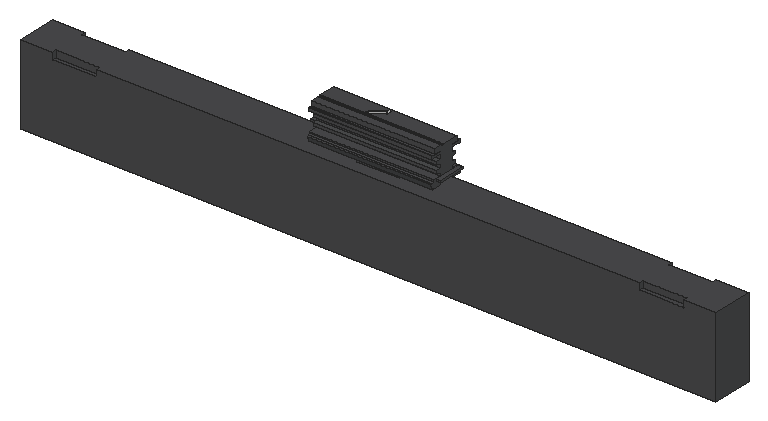
Revit family "STRIPE SINGLE HEAD RAIL 646_DTM30N6.6.90", category Luminarias, Revit 2019
Family settings
  Cota de conector redondo = Diámetro de uso
  Tipo de pieza = Normal
  Se basa en plano de trabajo = Sí
  Siempre vertical = Sí
  Corte con vacíos al cargar = No
  Origen de luz = Sí
  Compartido = No
  Punto de cálculo de habitación = No
Parameters (values of type "STRIPE SINGLE HEAD RAIL 646_DTM30N6.6.90")
  Ángulo de inclinación = 60.00°
  Zone [instance] = ""
  Watt per fixture = 30
  Wattage = 30 W
  built-in parameter 1150107 = 4000 (stored number, unit not read)
  built-in parameter 1150110 = 1 (stored number, unit not read)
  built-in parameter 1150109 = 1 (stored number, unit not read)
  built-in parameter 1150112 = 1 (stored number, unit not read)
  built-in parameter 1150113 = 1 (stored number, unit not read)
  built-in parameter 1114218 = 1 (stored number, unit not read)
  Keynote = ""
  built-in parameter 1150137 = (empty or 0)
  built-in parameter 1150132 = (empty or 0)
  Modelo = "DTM30N6.6.90"
  Lámpara = "2835SMD SAMSUNG"
  built-in parameter 1150105 = 1538.4 (stored number, unit not read)
  built-in parameter 1150102 = (empty or 0)
  built-in parameter 1150106 = 15.384 (stored number, unit not read)
  Lumens = 2700 lm
  Color Filter = 16777215
  built-in parameter 1114217 = 1 (stored number, unit not read)
  built-in parameter 1150139 = (empty or 0)
  Fabricante = "BRILLANT"
  Default Elevation = 1219.2 mm
  built-in parameter 1150104 = 8.3613 (stored number, unit not read)
  Descripción = "LUMINARIA DOWNLIGHT EN FORMATO RECTANGULAR COMPATIBLE CON RIEL DE 6 ENTRADAS Y 3 CIRCUITOS CON CABEZAL PARA PODER DIRIGIR LA LUMINARIA HASTA 30 GRADOS, CUERPO DE ALUMINIO ACABADO EN COLOR NEGRO, IP 20, PESO 1.44Kg, TIPO DE LED 2835SMD SAMSUNG CON 30W TOTAL, 2300 LUMENES, 90LM/W, IRC 90, TEMPERATURA EN BLANCO FRIO 4000K, 50 MIL HORAS DE VIDA PROMEDIO, APERTURA DE 90 GRADOS EN STOCK, ALIMENTADO A 90-240V"
  built-in parameter 1150115 = 1 (stored number, unit not read)
  built-in parameter 1150114 = 1 (stored number, unit not read)
  Comentarios de vataje = "90-240V"
  built-in parameter 1150138 = (empty or 0)
  built-in parameter 1150134 = 12
  Circuit [instance] = ""
  Dimming Lamp Color Temperature Shift = (empty or 0)
  Archivo de red fotométrica = "L646B-30W-840-B-90_IESNA95.IES"
  built-in parameter 1150133 = 10 (stored number, unit not read)
Reference planes
  plane 1 "Centro (Frontal/Posterior)": y = 0
  plane 2: z = 0
  plane 3 "Centro (Izquierda/Derecha)": x = 0
Forms (mm)
  Extrusion 1, solid, material "Default Form"
    sketch origin (0, 0, 0) x (1, 0, 0) y (0, 0, 1)
      loop
        line (-313, 0) -> (-313, -72) -> (313, -72) -> (313, 0) -> (-313, 0)
    from -18.326 to 18.326
  Blend 2, void
    base sketch origin (0, 0, 0) x (1, 0, 0) y (0, 1, 0)
      loop
        line (-309.14, 16.149) -> (-309.14, -16.149) -> (309.14, -16.149) -> (309.14, 16.149) -> (-309.14, 16.149)
    top sketch origin (0, 0, 0) x (1, 0, 0) y (0, 1, 0)
      loop
        line (-304.14, 12.149) -> (-304.14, -12.149) -> (304.14, -12.149) -> (304.14, 12.149) -> (-304.14, 12.149)
    from -72 to -61.591
  Extrusion 3, solid, material "Default Form"
    sketch origin (-55.628, 0, 7.5) x (0, 1, 0) y (0, 0, 1)
      loop
        line (-7.273, 1.74) -> (7.273, 1.74) -> (7.273, 0) -> (15.231, 0) -> (17.006, 4.494) -> (15.021, 4.494) -> (14.058, 5.868) -> (14.058, 7.166) -> (6.473, 7.166) -> (6.473, 9.324) -> (10.169, 10.163) -> (10.169, 12.464) -> (6.473, 13.302) -> (6.473, 16.66) -> (10.169, 17.499) -> (10.169, 19.8) -> (6.473, 20.638) -> (6.473, 25.016) -> (13.839, 25.016) -> (14.514, 24.341) -> (15.775, 24.341) -> (15.775, 27.171) -> (14.73, 27.171) -> (14.058, 26.499) -> (6.473, 26.499) -> (6.473, 27.299) -> (12.377, 27.299) -> (12.377, 31.471) -> (-2.744, 31.471) -> (-2.744, 30.671) -> (-5.514, 30.671) -> (-5.514, 31.471) -> (-12.377, 31.471) -> (-12.377, 27.299) -> (-6.473, 27.299) -> (-6.473, 26.499) -> (-14.058, 26.499) -> (-14.73, 27.171) -> (-15.775, 27.171) -> (-15.775, 24.341) -> (-14.514, 24.341) -> (-13.839, 25.016) -> (-6.473, 25.016) -> (-6.473, 20.638) -> (-10.169, 19.8) -> (-10.169, 17.499) -> (-6.473, 16.66) -> (-6.473, 13.302) -> (-10.169, 12.464) -> (-10.169, 10.163) -> (-6.473, 9.324) -> (-6.473, 7.166) -> (-14.058, 7.166) -> (-14.058, 5.868) -> (-15.021, 4.494) -> (-17.006, 4.494) -> (-15.231, 0) -> (-7.273, 0) -> (-7.273, 1.74)
    from 0 to 111.256
  Extrusion 4, solid, material "Default Form"
    sketch origin (0, 0, 0) x (1, 0, 0) y (0, 1, 0)
      loop
        line (-19.12, 6.873) -> (-19.12, -6.873) -> (19.12, -6.873) -> (19.12, 6.873) -> (-19.12, 6.873)
    from 0 to 2.67
  Extrusion 5, solid, material "Default Form"
    sketch origin (0, 0, 0) x (1, 0, 0) y (0, 1, 0)
      loop
        line (-10.93, 3.188) -> (-10.93, -3.188) -> (10.93, -3.188) -> (10.93, 3.188) -> (-10.93, 3.188)
    from 2.67 to 7.5
  Extrusion 6, void
    sketch origin (0, 0, 0) x (1, 0, 0) y (0, 1, 0)
      loop
        line (-244.42, 18.326) -> (-284.14, 18.326) -> (-284.14, 14.276) -> (-244.42, 14.276) -> (-244.42, 18.326)
      loop
        line (-284.14, -18.326) -> (-244.42, -18.326) -> (-244.42, -14.276) -> (-284.14, -14.276) -> (-284.14, -18.326)
      loop
        line (244.42, 18.326) -> (244.42, 14.276) -> (284.14, 14.276) -> (284.14, 18.326) -> (244.42, 18.326)
      loop
        line (284.14, -18.326) -> (284.14, -14.276) -> (244.42, -14.276) -> (244.42, -18.326) -> (284.14, -18.326)
    from -6.015 to 0
  Extrusion 7, solid, material "Acero Inoxidable"
    sketch origin (0, -1.594, 0) x (1, 0, 0) y (0, 0, -1)
      loop
        line (-15, -38.971) -> (3.794, -45.811) -> (4.341, -44.308) -> (3.589, -44.034) -> (3.316, -44.786) -> (-12.661, -38.971) -> (-15, -38.971)
    from 0 to 3.188
  Extrusion 8, solid, material "Default Form"
    sketch origin (0, 0, 0) x (1, 0, 0) y (0, 1, 0)
      loop
        line (-55.628, 6.473) -> (-66.331, 6.473) -> (-66.331, 0) -> (-55.628, 0) -> (-55.628, 6.473)
      loop
        line (55.628, 12.377) -> (55.628, -12.149) -> (60.628, -12.149) -> (60.628, 12.377) -> (55.628, 12.377)
    from 13.368 to 15
  Extrusion 9, solid, material "Cristal"
    sketch origin (0, 0, 0) x (1, 0, 0) y (0, 1, 0)
      loop
        line (-309.14, 16.149) -> (-309.14, -16.149) -> (309.14, -16.149) -> (309.14, 16.149) -> (-309.14, 16.149)
    from -72 to -70.547
Cuts and joins
  Blend 2, Extrusion 6 cuts Extrusion 1
Dimensions and locks
  equal spacing: Extrusion 1, plane 1 "Centro (Frontal/Posterior)", Extrusion 1
  Extrusion 1 to plane 1 "Centro (Frontal/Posterior)" = 18.326 mm
  Extrusion 1 to Extrusion 1 = 36.651 mm
  Extrusion 1 to Extrusion 1 = 72 mm
  Extrusion 1 to Extrusion 1 = 626 mm
  cut or joined group of Extrusion 1, Blend 2, Extrusion 6 to cut or joined group of Extrusion 1, Blend 2, Extrusion 6 = 72 mm
  cut or joined group of Extrusion 1, Blend 2, Extrusion 6 to cut or joined group of Extrusion 1, Blend 2, Extrusion 6 = 36.651 mm
  cut or joined group of Extrusion 1, Blend 2, Extrusion 6 to cut or joined group of Extrusion 1, Blend 2, Extrusion 6 = 626 mm
  equal spacing: cut or joined group of Extrusion 1, Blend 2, Extrusion 6, plane 1 "Centro (Frontal/Posterior)", cut or joined group of Extrusion 1, Blend 2, Extrusion 6
  cut or joined group of Extrusion 1, Blend 2, Extrusion 6 to cut or joined group of Extrusion 1, Blend 2, Extrusion 6 = 28.86 mm
  aligned and locked: level to plane 2
  aligned and locked: Extrusion 5 to Extrusion 3
  aligned and locked: Extrusion 5 to Extrusion 4
  aligned and locked: Extrusion 9 to cut or joined group of Extrusion 1, Blend 2, Extrusion 6  (x2)
Automatic sketch dimensions
  plane 1 "Centro (Frontal/Posterior)" to Extrusion 3 sketch curve = 17.006 mm
  plane 1 "Centro (Frontal/Posterior)" to Extrusion 3 sketch curve = 15.775 mm
  level to Extrusion 3 sketch curve = 7.5 mm  (x2)
  Extrusion 3 sketch curve to Extrusion 3 sketch curve = 1.775 mm
  Extrusion 3 sketch curve to Extrusion 3 sketch curve = 1.985 mm  (x2)
  Extrusion 3 sketch curve to Extrusion 3 sketch curve = 1.045 mm
  Extrusion 3 sketch curve to Extrusion 3 sketch curve = 1.261 mm  (x2)
  Extrusion 3 sketch curve to Extrusion 3 sketch curve = 0.963 mm  (x2)
  Extrusion 3 sketch curve to Extrusion 3 sketch curve = 0.672 mm  (x4)
  Extrusion 3 sketch curve to Extrusion 3 sketch curve = 0.675 mm  (x3)
  Extrusion 3 sketch curve to Extrusion 3 sketch curve = 2.354 mm
  Extrusion 3 sketch curve to Extrusion 3 sketch curve = 4.345 mm
  Extrusion 3 sketch curve to Extrusion 3 sketch curve = 3.89 mm  (x2)
  plane 1 "Centro (Frontal/Posterior)" to Extrusion 3 sketch curve = 7.273 mm
  Extrusion 3 sketch curve to Extrusion 3 sketch curve = 3.696 mm  (x4)
  Extrusion 3 sketch curve to Extrusion 3 sketch curve = 5.904 mm  (x2)
  Extrusion 3 sketch curve to Extrusion 3 sketch curve = 0 mm  (x3)
  Extrusion 3 sketch curve to Extrusion 3 sketch curve = 0.959 mm
  plane 1 "Centro (Frontal/Posterior)" to Extrusion 3 sketch curve = 2.744 mm
  Extrusion 3 sketch curve to plane 1 "Centro (Frontal/Posterior)" = 6.473 mm  (x2)
  Extrusion 3 sketch curve to Extrusion 3 sketch curve = 0.8 mm  (x3)
  Extrusion 3 sketch curve to Extrusion 3 sketch curve = 1.462 mm
  Extrusion 3 sketch curve to Extrusion 3 sketch curve = 0.22 mm
  Extrusion 3 sketch curve to Extrusion 3 sketch curve = 0.21 mm
  Extrusion 3 sketch curve to Extrusion 3 sketch curve = 1.74 mm
  Extrusion 3 sketch curve to Extrusion 3 sketch curve = 4.494 mm  (x2)
  Extrusion 3 sketch curve to Extrusion 3 sketch curve = 1.375 mm  (x2)
  Extrusion 3 sketch curve to Extrusion 3 sketch curve = 5.426 mm  (x2)
  Extrusion 3 sketch curve to Extrusion 3 sketch curve = 2.158 mm  (x2)
  Extrusion 3 sketch curve to Extrusion 3 sketch curve = 0.839 mm  (x8)
  Extrusion 3 sketch curve to Extrusion 3 sketch curve = 2.301 mm  (x4)
  Extrusion 3 sketch curve to Extrusion 3 sketch curve = 3.358 mm  (x2)
  Extrusion 3 sketch curve to Extrusion 3 sketch curve = 4.541 mm  (x2)
  Extrusion 3 sketch curve to Extrusion 3 sketch curve = 4.378 mm
  Extrusion 3 sketch curve to Extrusion 3 sketch curve = 1.483 mm  (x2)
  Extrusion 3 sketch curve to Extrusion 3 sketch curve = 3.372 mm
  Extrusion 3 sketch curve to Extrusion 3 sketch curve = 4.172 mm  (x2)
  plane 1 "Centro (Frontal/Posterior)" to Extrusion 4 sketch curve = 6.873 mm
  Extrusion 4 sketch curve to plane 3 "Centro (Izquierda/Derecha)" = 19.12 mm
  plane 3 "Centro (Izquierda/Derecha)" to Extrusion 4 sketch curve = 19.12 mm
  Extrusion 4 sketch curve to plane 1 "Centro (Frontal/Posterior)" = 6.873 mm
  plane 1 "Centro (Frontal/Posterior)" to Extrusion 5 sketch curve = 3.188 mm
  Extrusion 5 sketch curve to plane 3 "Centro (Izquierda/Derecha)" = 10.93 mm
  plane 3 "Centro (Izquierda/Derecha)" to Extrusion 5 sketch curve = 10.93 mm
  Extrusion 5 sketch curve to plane 1 "Centro (Frontal/Posterior)" = 3.188 mm
  Extrusion 7 sketch curve to plane 3 "Centro (Izquierda/Derecha)" = 15 mm
  Extrusion 7 sketch curve to Extrusion 7 sketch curve = 2.339 mm
  plane 3 "Centro (Izquierda/Derecha)" to Extrusion 7 sketch curve = 3.316 mm
  Extrusion 7 sketch curve to Extrusion 7 sketch curve = 0.274 mm
  Extrusion 7 sketch curve to Extrusion 7 sketch curve = 0.478 mm
  Extrusion 7 sketch curve to Extrusion 7 sketch curve = 0.752 mm
  level to Extrusion 7 sketch curve = 45.811 mm
  plane 1 "Centro (Frontal/Posterior)" to Extrusion 8 sketch curve = 0 mm
  Extrusion 8 sketch curve to plane 1 "Centro (Frontal/Posterior)" = 6.473 mm
  Extrusion 8 sketch curve to plane 3 "Centro (Izquierda/Derecha)" = 66.331 mm
  Extrusion 8 sketch curve to Extrusion 8 sketch curve = 10.703 mm
  Extrusion 8 sketch curve to plane 1 "Centro (Frontal/Posterior)" = 12.377 mm
  plane 3 "Centro (Izquierda/Derecha)" to Extrusion 8 sketch curve = 55.628 mm
  Extrusion 8 sketch curve to Extrusion 8 sketch curve = 5 mm
  plane 1 "Centro (Frontal/Posterior)" to Extrusion 8 sketch curve = 12.149 mm
  plane 1 "Centro (Frontal/Posterior)" to Extrusion 9 sketch curve = 16.149 mm
  Extrusion 9 sketch curve to plane 3 "Centro (Izquierda/Derecha)" = 309.14 mm
  plane 3 "Centro (Izquierda/Derecha)" to Extrusion 9 sketch curve = 309.14 mm
  Extrusion 9 sketch curve to plane 1 "Centro (Frontal/Posterior)" = 16.149 mm
  Extrusion 1 sketch curve to level = 0 mm
  Extrusion 1 sketch curve to plane 3 "Centro (Izquierda/Derecha)" = 313 mm
  plane 3 "Centro (Izquierda/Derecha)" to Extrusion 1 sketch curve = 313 mm
  Extrusion 1 sketch curve to level = 72 mm
  plane 1 "Centro (Frontal/Posterior)" to Extrusion 6 sketch curve = 18.326 mm  (x2)
  Extrusion 6 sketch curve to plane 3 "Centro (Izquierda/Derecha)" = 284.14 mm
  Extrusion 6 sketch curve to Extrusion 6 sketch curve = 0 mm  (x4)
  Extrusion 6 sketch curve to Extrusion 6 sketch curve = 39.72 mm  (x2)
  Extrusion 6 sketch curve to plane 1 "Centro (Frontal/Posterior)" = 18.326 mm
  plane 3 "Centro (Izquierda/Derecha)" to Extrusion 6 sketch curve = 244.42 mm
  Extrusion 6 sketch curve to Extrusion 6 sketch curve = 4.049 mm  (x4)
  Extrusion 6 sketch curve to plane 1 "Centro (Frontal/Posterior)" = 14.276 mm
  Blend 2 sketch curve to plane 1 "Centro (Frontal/Posterior)" = 16.149 mm
  Blend 2 sketch curve to plane 3 "Centro (Izquierda/Derecha)" = 309.14 mm
  plane 1 "Centro (Frontal/Posterior)" to Blend 2 sketch curve = 16.149 mm
  plane 3 "Centro (Izquierda/Derecha)" to Blend 2 sketch curve = 309.14 mm
  Blend 2 sketch curve to plane 1 "Centro (Frontal/Posterior)" = 12.149 mm
  Blend 2 sketch curve to plane 3 "Centro (Izquierda/Derecha)" = 304.14 mm
  plane 1 "Centro (Frontal/Posterior)" to Blend 2 sketch curve = 12.149 mm
  plane 3 "Centro (Izquierda/Derecha)" to Blend 2 sketch curve = 304.14 mm
Connectors
  electrical at (-13.4, 0, 0)
    settings: on cut or joined group of Extrusion 1, Blend 2, Extrusion 6, index 1, voltage 240 V, apparent load 0 VA, apparent load phase1 0 VA, apparent load phase2 0 VA, apparent load phase3 0 VA, power factor 1, load classification "Otro", number of poles 1, system type 31, power factor state 1, is connector primary yes, connector utility no, sub classification motor no, connector description ""
